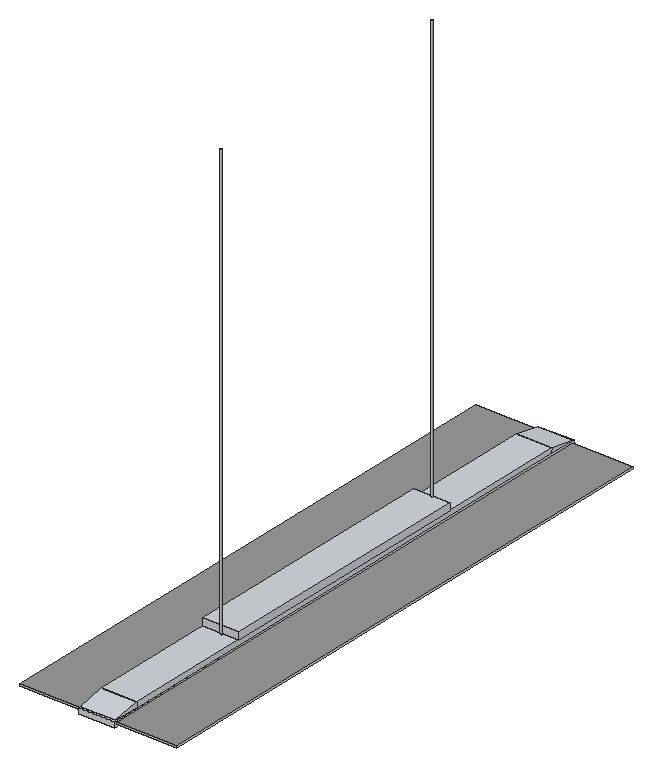
Revit family "C75-P1300 G2 40 60 BL 5000 DALI 830 PRE C2 MP_Unhosted", category Lighting Fixtures, Revit 2016
Family settings
  Part Type = Normal
  Round Connector Dimension = Use Diameter
  OmniClass Number = 23.80.70.00
  OmniClass Title = Lighting
  Work Plane-Based = No
  Always vertical = Yes
  Cut with Voids When Loaded = No
  Light Source = Yes
  Shared = No
  Room Calculation Point = No
Parameters
  Wiring Accessories = ""
  Width1 = 90 mm
  Width = 358 mm
  Wattage = 35 W
  VoltageMax = 240 V
  built-in parameter 1150110 = 1 (stored number, unit not read)
  Voltage = 220 V
  UpdateDate = "17.11.2020 06:31:49"
  URL UK = "http://glamox.com/uk/products/C75-P-G2/items/C75234143"
  URL Sweden = "http://glamox.com/se/produkter/C75-P-G2/items/C75234143"
  URL Russia = "http://glamox.com/ru/products/C75-P-G2/items/C75234143"
  URL Other = "http://glamox.com/gsx/products/C75-P-G2/items/C75234143"
  URL Norway = "http://glamox.com/no/produkter/C75-P-G2/items/C75234143"
  URL Ireland = "http://glamox.com/ie/products/C75-P-G2/items/C75234143"
  URL Germany = "http://glamox.com/de/products/C75-P-G2/items/C75234143"
  URL Finland = "http://glamox.com/fi/products/C75-P-G2/items/C75234143"
  URL Estonia = "http://glamox.com/ee/products/C75-P-G2/items/C75234143"
  URL Denmark = "http://glamox.com/dk/produkter/C75-P-G2/items/C75234143"
  TypeOfEmergency = ""
  TypeOfBallast = "DALI"
  TotalWattage = 35 W
  Total Load = 35 W
  built-in parameter 1114217 = 1 (stored number, unit not read)
  Tilt Angle = 90.00°
  Termination = "5x0,75 C2"
  built-in parameter 1150109 = 1 (stored number, unit not read)
  built-in parameter 1150134 = (empty or 0)
  built-in parameter 1150113 = 1 (stored number, unit not read)
  Specification = "Interior product, in body material Aluminium, for Pendant mounting, in Black colour, IP20, light source LED, lumen out 4705lm, ballast type DALI, light source supplied type CRI>80, 3000K, 2 metre cable, optic type MP = Micro-Prismatic, with Acrylic difuser material, gives an up/down light distribution 40/60."
  Remark = ""
  RatedVoltage = 220 V
  PowerFactor = 98.00%
  Power Factor = 0.98
  Plug Type = ""
  Photometric Web File = "C75-P1300-G2-40-60-5000-830-MP.ies"
  Optic = "MP"
  Number of Poles = 1
  NominalFrequencyRange = 50 Hz
  ModelReference = "C75-P G2"
  ModelLabel = "C75-P1300 G2 40/60 BL 5000 DALI 830 PRE C2 MP"
  Maximum TA = 45
  Manufacturer = "Glamox"
  MaintenanceFactor = 0
  MFArtNo = "C75234143"
  LumWidth = 300 mm
  LumLength = 1300 mm
  Load Classification [instance] = Lighting
  Lumens = 4705 lm
  built-in parameter 1150115 = 1 (stored number, unit not read)
  built-in parameter 1150105 = 374.41 (stored number, unit not read)
  LightFixturePlacingType = "CEILING"
  LightFixtureMountingType = "SUSPENDED"
  built-in parameter 1150137 = (empty or 0)
  built-in parameter 1150139 = (empty or 0)
  Length = 1306 mm
  LampBase = ""
  Lamp Wattage Comments = ""
  built-in parameter 1150112 = 1 (stored number, unit not read)
  built-in parameter 1150114 = 1 (stored number, unit not read)
  Lamp = "LED"
  built-in parameter 1150132 = 2
  built-in parameter 1150102 = (empty or 0)
  built-in parameter 1150138 = (empty or 0)
  built-in parameter 1150107 = 3000 (stored number, unit not read)
  built-in parameter 1150106 = 3.7441 (stored number, unit not read)
  Suspensions Visible = no
  IP_Code = "20"
  IPClass = "20"
  IK_Code = ""
  IFC Classification = "Light Fixture"
  Height = 40 mm
  GlobalTradeItemNumber = "7332402341430"
  Glamox Mounting = "Pendant"
  Glamox Family = "C75-P G2"
  Glamox Category = "Interior"
  FrequencyMax = 60 Hz
  Frequency = 50 Hz
  Expired = "0"
  Emit from Rectangle Width = LumLength  # 1300 mm
  Emit from Rectangle Length = LumWidth  # 300 mm
  Emit Shape Visible in Rendering = no
  built-in parameter 1150104 = 12.489 (stored number, unit not read)
  ELNo Norway = ""
  ELNo Finland = ""
  EANNo = "7332402341430"
  DurationInBatteryMode = ""
  Distance From ceiling [instance] = 1000 mm
  Dimming Lamp Color Temperature Shift = <None>
  Description = "C75-P1300 G2 40/60 BL 5000 DALI 830 PRE C2 MP"
  Cut Out = ""
  Completion = ""
  Color Filter = 16777215
  Suspension Material = Default
  Body Material and Colour = Default
  built-in parameter 1114218 = 1 (stored number, unit not read)
  built-in parameter 1150133 = 10 (stored number, unit not read)
  ArticleNumber = "C75234143"
  Apparent Load = Total Load / Power Factor  # 35.7143 VA
  #Ballast = 1
  # ballast on a MCB16 type C fuse = "37"
  # ballast on a MCB16 type B fuse = "22"
Reference planes
  plane 1 "Light Source Axis (F/B)": y = 119.961
  plane 2: z = 0
  plane 3 "Light Source Axis (L/R)": x = 0
  plane 4 "Light Source Elevation": z = -5
  plane 5: x = 179
  plane 6: x = -179
  plane 7: y = 772.961
  plane 8: y = -533.039
  plane 9: y = 767.961
  plane 10: y = 419.961
  plane 11: y = -180.039
  plane 12: y = -528.039
  plane 13: x = -179
  plane 14: x = 179
  plane 15: z = 1000
Forms (mm)
  Extrusion 1, solid, material "Default" <- "Suspension Material", visible <- "Suspensions Visible", not visible
    sketch origin (0, 1319.475, 444.105) x (1, 0, 0) y (0, 1, 0)
      loop
        circle (0, 419.961) r 1
      loop
        circle (0, -180.039) r 1
    from -387.523 to -12
  Extrusion 2, solid, not visible
    sketch origin (0, 1439.436, 56.582) x (1, 0, 0) y (0, 1, 0)
      loop
        line (-40, 653) -> (-40, -653) -> (40, -653) -> (40, 653) -> (-40, 653)
    from 386.523 to 398.523
  Extrusion 3, solid, not visible
    sketch origin (0, 1439.436, 56.582) x (1, 0, 0) y (0, 1, 0)
      loop
        line (-179, 648) -> (-179, -648) -> (179, -648) -> (179, 648) -> (-179, 648)
    from 390.523 to 394.523
  Extrusion 4, solid, not visible
    sketch origin (0, 1439.436, 56.582) x (1, 0, 0) y (0, 1, 0)
      loop
        line (-40, 588) -> (-40, -588) -> (40, -588) -> (40, 588) -> (-40, 588)
    from 375.523 to 386.523
  Extrusion 5, solid, not visible
    sketch origin (0, 1439.436, 56.582) x (1, 0, 0) y (0, 1, 0)
      loop
        line (-40, 300) -> (-40, -300) -> (40, -300) -> (40, 300) -> (-40, 300)
    from 358.523 to 375.523
  Extrusion 6, solid, not visible
    sketch origin (0, 1439.436, 56.582) x (0, 1, 0) y (0, 0, 1)
      loop
        line (588, 386.523) -> (588, 375.523) -> (648, 386.523) -> (588, 386.523)
    from -40 to 40
  Extrusion 7, solid, not visible
    sketch origin (0, 1439.436, 56.582) x (0, -1, 0) y (0, 0, -1)
      loop
        line (588, -386.523) -> (648, -386.523) -> (588, -375.523) -> (588, -386.523)
    from -40 to 40
  Extrusion 8, solid
    sketch origin (0, 32.904, -394.676) x (0, -1, 0) y (1, 0, 0)
      loop
        line (565.944, -40) -> (565.944, 40) -> (-740.056, 40) -> (-740.056, -40) -> (565.944, -40)
    from 397.833 to 385.523
  Extrusion 9, solid
    sketch origin (0, 32.904, -394.676) x (0, -1, 0) y (1, 0, 0)
      loop
        line (560.944, -179) -> (560.944, 179) -> (-735.056, 179) -> (-735.056, -179) -> (560.944, -179)
    from 390.523 to 394.523
  Extrusion 10, solid
    sketch origin (0, 32.904, -394.676) x (0, -1, 0) y (1, 0, 0)
      loop
        line (500.944, -40) -> (500.944, 40) -> (-679.954, 40) -> (-679.954, -40) -> (500.944, -40)
    from 408.852 to 397.833
  Extrusion 11, solid
    sketch origin (0, 32.904, -344.667) x (0, -1, 0) y (1, 0, 0)
      loop
        line (212.944, -40) -> (212.944, 40) -> (-387.056, 40) -> (-387.056, -40) -> (212.944, -40)
    from 358.842 to 375.523
  Extrusion 12, solid
    sketch origin (0, 6.961, 389.699) x (0, -1, 0) y (0, 0, -1)
      loop
        line (475, 386.523) -> (475, 375.523) -> (535, 386.523) -> (475, 386.523)
    from -40 to 40
  Extrusion 13, solid
    sketch origin (0, 11.858, 389.699) x (0, 1, 0) y (0, 0, 1)
      loop
        line (701, -386.542) -> (761.102, -386.542) -> (701, -375.523) -> (701, -386.542)
    from -40 to 40
  Extrusion 14, solid
    sketch origin (0, 0, 12.993) x (0, 1, 0) y (-1, 0, 0)
      loop
        circle (419.961, 0) r 2
    from -9.837 to 987.007
  Extrusion 15, solid
    sketch origin (0, 0, 12.993) x (0, 1, 0) y (-1, 0, 0)
      loop
        circle (-180.039, 0) r 2
    from -9.837 to 987.007
Lines and regions (mm)
  symbolic lines
    curve 1: circle (0, -667.039, 12.993) r 5 normal (0, 0, 1)
    curve 2: circle (0, -733.039, 12.993) r 5 normal (0, 0, 1)
    curve 3: line (179, 767.961, 12.993) -> (-179, 767.961, 12.993)
    curve 4: line (-179, 767.961, 12.993) -> (-179, -528.039, 12.993)
    curve 5: line (-179, -528.039, 12.993) -> (179, -528.039, 12.993)
    curve 6: line (179, -528.039, 12.993) -> (179, 767.961, 12.993)
    curve 7: arc (0, 417.961, 12.993) -> (2, 419.961, 12.993) -> (0, 421.961, 12.993) r 2
    curve 8: arc (0, 421.961, 12.993) -> (-2, 419.961, 12.993) -> (0, 417.961, 12.993) r 2
    curve 9: arc (0, -178.039, 12.993) -> (-2, -180.039, 12.993) -> (0, -182.039, 12.993) r 2
    curve 10: arc (0, -182.039, 12.993) -> (2, -180.039, 12.993) -> (0, -178.039, 12.993) r 2
    curve 11: line (0, 119.961, 12.993) -> (113.137, 233.098, 12.993)
    curve 12: line (0, 119.961, 12.993) -> (113.137, 6.823, 12.993)
    curve 13: line (0, 119.961, 12.993) -> (-113.137, 233.098, 12.993)
    curve 14: line (0, 119.961, 12.993) -> (-113.137, 6.823, 12.993)
Dimensions and locks
  equal spacing: plane 5, plane 3 "Light Source Axis (L/R)", plane 6
  "Length": plane 8 to plane 7
  equal spacing: plane 8, plane 1 "Light Source Axis (F/B)", plane 7
  equal spacing: plane 10, plane 1 "Light Source Axis (F/B)", plane 11
  locked: plane 10 to plane 11 at 600
  locked: plane 7 to plane 9 at 5
  locked: plane 12 to plane 8 at 5
  equal spacing: plane 13, plane 3 "Light Source Axis (L/R)", plane 14
  "Width": plane 13 to plane 14
  "Distance From ceiling": plane 15 to plane 2
  radius of Extrusion 1 sketch curve = 1 mm
  angle curve 14 to curve 12 to plane 1 "Light Source Axis (F/B)" to curve 11 to curve 13 = 90.00° locked, 45.00° locked, 45.00° locked, 90.00° locked
  aligned and locked: plane 3 "Light Source Axis (L/R)" to imposter light
  aligned and locked: plane 4 "Light Source Elevation" to imposter light
  aligned and locked: Extrusion 8 to Extrusion 10
  aligned and locked: plane 9 to Extrusion 9
  aligned and locked: Extrusion 9 to plane 12
  aligned and locked: Extrusion 8 to plane 7
  aligned and locked: Extrusion 13 to plane 7
  aligned and locked: Extrusion 12 to plane 12
  aligned and locked: Extrusion 10 to Extrusion 12  (x2)
  aligned and locked: Extrusion 10 to Extrusion 13  (x2)
  aligned and locked: plane 8 to Extrusion 8
  aligned and locked: Extrusion 11 to Extrusion 10
  aligned and locked: Extrusion 13 to Extrusion 8
  aligned and locked: Extrusion 9 to plane 13
  aligned and locked: plane 14 to Extrusion 9
  aligned and locked: Extrusion 10 to Extrusion 11
  aligned and locked: curve 3 to Extrusion 9
  aligned and locked: curve 4 to Extrusion 9
  aligned and locked: curve 5 to Extrusion 9
  aligned and locked: curve 6 to Extrusion 9
  aligned and locked: plane 10 to Extrusion 11
  aligned and locked: plane 11 to Extrusion 11
  aligned and locked: imposter light to plane 1 "Light Source Axis (F/B)"
  aligned and locked: plane 15 to Extrusion 15
  aligned and locked: Extrusion 15 to Extrusion 8
  aligned and locked: plane 15 to Extrusion 14
  aligned and locked: Extrusion 14 to Extrusion 8
Automatic sketch dimensions
  Extrusion 1 sketch curve to Extrusion 1 sketch curve = 600 mm
  Extrusion 2 sketch curve to Extrusion 2 sketch curve = 1306 mm
  Extrusion 3 sketch curve to Extrusion 3 sketch curve = 1296 mm
  Extrusion 4 sketch curve to Extrusion 4 sketch curve = 1176 mm
  Extrusion 5 sketch curve to Extrusion 5 sketch curve = 600 mm
  Extrusion 6 sketch curve to Extrusion 6 sketch curve = 60 mm
  Extrusion 7 sketch curve to Extrusion 7 sketch curve = 60 mm
  Extrusion 7 sketch curve to Extrusion 7 sketch curve = 11 mm
  Extrusion 1 sketch curve to Extrusion 1 sketch curve = 0 mm
  Extrusion 2 sketch curve to Extrusion 2 sketch curve = 80 mm
  Extrusion 3 sketch curve to Extrusion 3 sketch curve = 358 mm
  Extrusion 4 sketch curve to Extrusion 4 sketch curve = 80 mm
  Extrusion 5 sketch curve to Extrusion 5 sketch curve = 80 mm
  Extrusion 6 sketch curve to Extrusion 6 sketch curve = 11 mm
  Extrusion 8 sketch curve to plane 7 = 0 mm
  plane 7 to Extrusion 8 sketch curve = 1306 mm
  plane 7 to Extrusion 9 sketch curve = 5 mm
  plane 7 to Extrusion 9 sketch curve = 1301 mm
  plane 7 to Extrusion 10 sketch curve = 60.102 mm
  plane 7 to Extrusion 10 sketch curve = 1241 mm
  plane 7 to Extrusion 11 sketch curve = 353 mm
  plane 7 to Extrusion 11 sketch curve = 953 mm
  plane 7 to Extrusion 12 sketch curve = 1241 mm
  Extrusion 12 sketch curve to Extrusion 12 sketch curve = 60 mm
  level to Extrusion 12 sketch curve = 14.175 mm
  Extrusion 12 sketch curve to Extrusion 12 sketch curve = 11 mm
  level to Extrusion 13 sketch curve = 14.175 mm
  plane 7 to Extrusion 13 sketch curve = 60.102 mm
  level to Extrusion 13 sketch curve = 3.157 mm
  Extrusion 13 sketch curve to Extrusion 13 sketch curve = 60.102 mm
  plane 5 to Extrusion 9 sketch curve = 0 mm
  Extrusion 9 sketch curve to plane 6 = 0 mm
  plane 3 "Light Source Axis (L/R)" to Extrusion 8 sketch curve = 40 mm
  plane 3 "Light Source Axis (L/R)" to Extrusion 10 sketch curve = 40 mm
  plane 3 "Light Source Axis (L/R)" to Extrusion 11 sketch curve = 40 mm
  Extrusion 8 sketch curve to plane 3 "Light Source Axis (L/R)" = 40 mm
  Extrusion 10 sketch curve to plane 3 "Light Source Axis (L/R)" = 40 mm
  Extrusion 11 sketch curve to plane 3 "Light Source Axis (L/R)" = 40 mm
  curve 2 to plane 3 "Light Source Axis (L/R)" = 0 mm
  curve 1 to plane 3 "Light Source Axis (L/R)" = 0 mm
  plane 1 "Light Source Axis (F/B)" to curve 14 = 0 mm
  curve 12 to plane 3 "Light Source Axis (L/R)" = 0 mm
  plane 8 to curve 1 = 134 mm
  curve 2 to curve 1 = 66 mm
  Extrusion 14 sketch curve to plane 3 "Light Source Axis (L/R)" = 0 mm
  Extrusion 14 sketch curve to plane 10 = 0 mm
  Extrusion 15 sketch curve to plane 3 "Light Source Axis (L/R)" = 0 mm
  plane 11 to Extrusion 15 sketch curve = 0 mm
  radius of Extrusion 1 sketch curve = 1 mm
  radius of curve 1 = 5 mm
  radius of curve 2 = 5 mm
  radius of Extrusion 14 sketch curve = 2 mm
  radius of Extrusion 15 sketch curve = 2 mm
